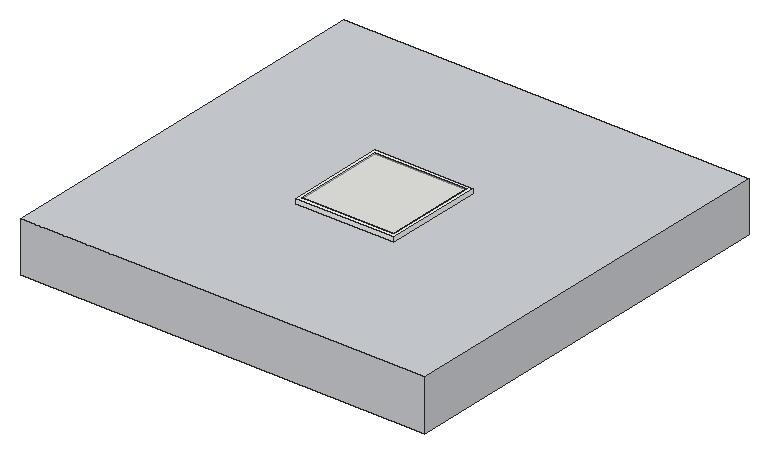
Revit family "KATON", category Luminaires, Revit 2021
Family settings
  Hôte = Face
  Cote de connecteur circulaire = Utiliser le diamètre
  Type d'élément = Normal
  Numéro OmniClass = 23.80.70.11.17
  Titre OmniClass = Specialized Lighting by Location or Use
  Couper avec des vides une fois chargée = Oui
  Source d'éclairage = Oui
  Partagée = Oui
  Point de calcul de pièce = Oui
Parameters (values of type "621303")
  Épaisseur 2 = 2 mm
  Épaisseur = 26 mm
  URL = "https://www.resistex-sa.com/fr/katon-4248lm-4000k-1287.html"
  Tension = 230 V  # constant formula
  built-in parameter 1150107 = 4000 (stored number, unit not read)
  Wattage = 40.3 W
  built-in parameter 1150110 = 1 (stored number, unit not read)
  built-in parameter 1150109 = 1 (stored number, unit not read)
  built-in parameter 1114218 = 1 (stored number, unit not read)
  built-in parameter 1150113 = 1 (stored number, unit not read)
  built-in parameter 1150112 = 1 (stored number, unit not read)
  Nombre pôles = 1  # constant formula
  built-in parameter 1150137 = (empty or 0)
  built-in parameter 1150132 = (empty or 0)
  Modèle = "Katon"  # constant formula
  Matériau diffuseur = PC Transparent
  Matériau corps = Alu blanc
  Longueur 2 = 554 mm
  Longueur = 595 mm
  Largeur 2 = 554 mm
  Largeur = 595 mm
  built-in parameter 1150105 = 338.01 (stored number, unit not read)
  built-in parameter 1150102 = (empty or 0)
  Indice de charge = Eclairage
  Image du type = <Aucun>
  IP = "40"  # constant formula
  IK = "04"  # constant formula
  Gradation des changements de température de couleur de lampe = <Aucun>
  Garantie = "5 ans"  # constant formula
  Lumens = 4247.62 lm
  Color Filter = 16777215
  Fichier de distribution photométrique = "621303.ies"
  built-in parameter 1114217 = 1 (stored number, unit not read)
  built-in parameter 1150139 = (empty or 0)
  Fabricant = "Résistex"  # constant formula
  Emit from Rectangle Length = 1219.2 mm
  Emit from Rectangle Width = 609.6 mm
  Emit Shape Visible in Rendering = no
  Default Elevation = 0 mm
  built-in parameter 1150104 = 9.792 (stored number, unit not read)
  built-in parameter 1150106 = 3.3801 (stored number, unit not read)
  built-in parameter 1150115 = 1 (stored number, unit not read)
  built-in parameter 1150114 = 1 (stored number, unit not read)
  Distance bord corps = Épaisseur - Épaisseur 2  # 24 mm
  Description = "Encastré tertiaire équipé d'une platine LED SMD, efficacité lumineuse de 105.4lm/W"
  Coût = 40
  built-in parameter 1150138 = (empty or 0)
  built-in parameter 1150134 = 12
  Commentaires relatifs à la puissance = "40.3W"
  Apparent Load = 42.42 VA
  Tilt Angle = 60.00°
  built-in parameter 1150133 = 10 (stored number, unit not read)
Types (5, lengths in mm): name | URL | built-in parameter 1150107 | Wattage | built-in parameter 1150105 | Lumens | Fichier de distribution photométrique | built-in parameter 1150104 | built-in parameter 1150106 | Description | Coût | built-in parameter 1150134 | Commentaires relatifs à la puissance | Apparent Load
  (no name) | "https://www.resistex-sa.com/fr/katon-4248lm-4000k-1287.html" | 4000 (stored number, unit not read) | 40.3 W | 338.01 (stored number, unit not read) | 4247.62 lm | "621303.ies" | 9.792 (stored number, unit not read) | 3.3801 (stored number, unit not read) | "Encastré tertiaire équipé d'une platine LED SMD, efficacité lumineuse de 105.4lm/W" | 40 | 12 | "40.3W" | 42.42 VA
  621302 | "https://www.resistex-sa.com/fr/katon-4071lm-3000k-1292.html" | 3000 (stored number, unit not read) | 38.9 W | 324.11 (stored number, unit not read) | 4072.83 lm | "621302.ies" | 9.7269 (stored number, unit not read) | 3.2411 (stored number, unit not read) | "Encastré tertiaire équipé d'une platine LED SMD, efficacité lumineuse de 104.7lm/W" | 40 | (empty or 0) | "38.9W" | 40.95 VA
  621303 | "https://www.resistex-sa.com/fr/katon-4248lm-4000k-1287.html" | 4000 (stored number, unit not read) | 40.3 W | 338.01 (stored number, unit not read) | 4247.62 lm | "621303.ies" | 9.792 (stored number, unit not read) | 3.3801 (stored number, unit not read) | "Encastré tertiaire équipé d'une platine LED SMD, efficacité lumineuse de 105.4lm/W" | 40 | 12 | "40.3W" | 42.42 VA
  621304 | "https://www.resistex-sa.com/fr/katon-4071lm-dali-3000k-1293.html" | 3000 (stored number, unit not read) | 38.9 W | 324.11 (stored number, unit not read) | 4072.83 lm | "621304.ies" | 9.7269 (stored number, unit not read) | 3.2411 (stored number, unit not read) | "Encastré tertiaire équipé d'une platine LED SMD, efficacité lumineuse de 104.7lm/W" | 67.5 | (empty or 0) | "38.9W" | 40.1 VA
  621305 | "https://www.resistex-sa.com/fr/katon-4248lm-dali-4000k-1305.html" | 4000 (stored number, unit not read) | 40.3 W | 338.01 (stored number, unit not read) | 4247.62 lm | "621305.ies" | 9.792 (stored number, unit not read) | 3.3801 (stored number, unit not read) | "Encastré tertiaire équipé d'une platine LED SMD, efficacité lumineuse de 105.4lm/W" | 67.5 | 12 | "40.3W" | 41.55 VA
Reference planes
  plane 1 "Centre (avant/arrière)": y = 0
  plane 2: z = 0
  plane 3 "Centre (gauche/droite)": x = 0
  plane 4 "Surface filin": z = 300
  plane 5 "Fond diffuseur": z = 24
  plane 6: x = -297.5
  plane 7: x = 297.5
  plane 8: y = 297.5
  plane 9: y = -297.5
  plane 10: x = -277
  plane 11: x = 277
  plane 12: y = 277
  plane 13: y = -277
Forms (mm)
  Extrusion 1, solid
    sketch origin (0, 0, 0) x (1, 0, 0) y (0, 1, 0)
      loop
        line (-1219.2, 1219.2) -> (-1219.2, -1219.2) -> (1219.2, -1219.2) -> (1219.2, 1219.2) -> (-1219.2, 1219.2)
    from 0 to -304.8
  Extrusion 2, solid, material "Alu blanc" <- "Matériau corps"
    sketch origin (0, 0, 0) x (1, 0, 0) y (0, 1, 0)
      loop
        line (-297.5, 297.5) -> (-297.5, -297.5) -> (297.5, -297.5) -> (297.5, 297.5) -> (-297.5, 297.5)
    from 0 to 26 <- "Épaisseur"
  Extrusion 3, void
    sketch origin (0, 0, 24) x (-1, 0, 0) y (0, -1, 0)
      loop
        line (277, -277) -> (277, 277) -> (-277, 277) -> (-277, -277) -> (277, -277)
    from 0 to 2 <- "Épaisseur 2"
  Extrusion 4, solid, material "PC Transparent" <- "Matériau diffuseur"
    sketch origin (0, 0, 24) x (-1, 0, 0) y (0, -1, 0)
      loop
        line (277, -277) -> (277, 277) -> (-277, 277) -> (-277, -277) -> (277, -277)
    from 0 to 2 <- "Épaisseur 2"
Cuts and joins
  Extrusion 3 cuts Extrusion 2
Dimensions and locks
  locked: plane 4 "Surface filin" to level at 300
  "Distance bord corps": plane 5 "Fond diffuseur" to level
  equal spacing: plane 6, plane 3 "Centre (gauche/droite)", plane 7
  "Largeur": plane 6 to plane 7
  equal spacing: plane 9, plane 1 "Centre (avant/arrière)", plane 8
  "Longueur": plane 9 to plane 8
  equal spacing: plane 10, plane 3 "Centre (gauche/droite)", plane 11
  "Largeur 2": plane 10 to plane 11
  equal spacing: plane 12, plane 1 "Centre (avant/arrière)", plane 13
  "Longueur 2": plane 12 to plane 13
  aligned and locked: plane 2 to Extrusion 1
  aligned and locked: level to Extrusion 1
  aligned and locked: plane 8 to Extrusion 2 sketch curve
  aligned and locked: plane 6 to Extrusion 2 sketch curve
  aligned and locked: plane 9 to Extrusion 2 sketch curve
  aligned and locked: plane 7 to Extrusion 2 sketch curve
  aligned and locked: Extrusion 3 sketch curve to plane 12
  aligned and locked: plane 10 to Extrusion 3 sketch curve
  aligned and locked: Extrusion 3 sketch curve to plane 13
  aligned and locked: plane 11 to Extrusion 3 sketch curve
  aligned and locked: Extrusion 4 sketch curve to cut or joined group of Extrusion 2, Extrusion 3  (x4)
Automatic sketch dimensions
  Extrusion 1 sketch curve to Extrusion 1 sketch curve = 2438.4 mm  (x2)
Connectors
  electrical at (0, 0, 0), driven by "Nombre pôles", driven by "Indice de charge", driven by "Tension", driven by "Apparent Load"
    settings: on cut or joined group of Extrusion 2, Extrusion 3, index 1, voltage 230 V, apparent load 0 VA, apparent load phase1 42.42 VA, apparent load phase2 0 VA, apparent load phase3 0 VA, power factor 1, load classification "Eclairage", number of poles 1, system type 31, power factor state 1, is connector primary yes, connector utility no, sub classification motor no, connector description ""
